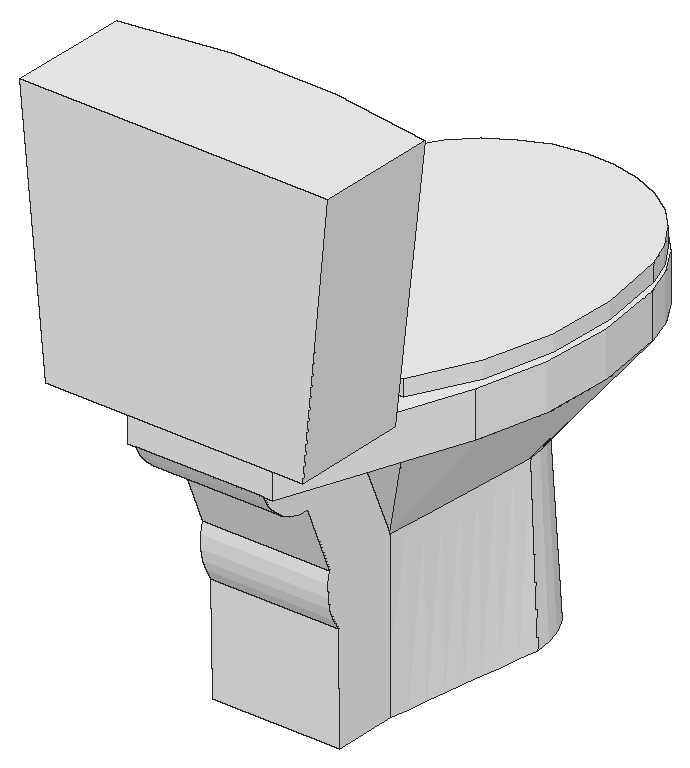
Revit family "Bacia_Com_Caixa", category Plumbing Fixtures, host Wall, Revit 2025
Family settings
  Host = Wall
  Round Connector Dimension = Use Diameter
  Part Type = Normal
  OmniClass Number = 23.45.00.00
  OmniClass Title = Sanitary, Laundry, and Cleaning Equipment
  Enable Cutting in Views = No
  Always vertical = Yes
  Cut with Voids When Loaded = No
  Maintain Annotation Orientation = No
  Shared = No
  Room Calculation Point = Yes
Parameters
  Desloca_Esgoto = 302 mm
  Desloca_Conexão_Agua = 150 mm
  Default Elevation = 0 mm
  Caixa = CT_Louças_Brancas
  Bacia = CT_Louças_Brancas
  Altura_Conexão_Agua = 150 mm
Reference planes
  plane 1: y = 0
  plane 2 "Center (Left/Right)": x = 125
  plane 3 "FaceParede": y = 75
  plane 4: y = 375
Text (mm)
  text "Placement side" at (-1787.139, 592.35, 0), in view "Ref. Level"
  text "Placement side" at (0, 1827.695, 2917.686), in view "Left"
  text "Placement side" at (0, 562.268, 3853.606), in view "Right"
Dimensions and locks
  locked: plane 3 "FaceParede" to host wall
  "Altura_Conexão_Agua": level to connector elem
  "Desloca_Conexão_Agua": connector elem to plane 2 "Center (Left/Right)"
  locked: connector elem to plane 2 "Center (Left/Right)"
  "Desloca_Esgoto": connector elem to host wall
  aligned and locked: plane 1 to host wall
  aligned and locked: nested 1 to plane 2 "Center (Left/Right)"
  aligned and locked: nested 1 to level
Nested families
  nested 1: "bacia com caixa acoplada" at (125, 75, 0) x (-1, 0, 0) z (0, 1, 0), type "Bacia com Caixa Acoplada"
  nested 2: "assento" at (125, 285.625, 380) x (-1, 0, 0) z (0, 1, 0), type "Assento"
  nested 3: "caixa" at (120, 85, 380) x (-1, 0, 0) z (0, 1, 0), type "caixa"
    with Caixa CT_Louças_Brancas
Connectors
  piping at (275, 75, 150), diameter 15
    settings: on plane 3 "FaceParede", index 5, connector inside diameter 609.6 mm, connector length 0 mm, flow factor 0, pipe flow 0.0 L/s, pressure drop 0.0 Pa, fitting loss kfactor 0, connector angle 0.00°, fixture units 0, engagement length 0 mm, angle of deflection 0.00°, flow configuration 0, flow direction 1, fitting loss method 0, system type 20, joint type 0, gender type 0, connector reference index -1, connector utility 0, adjustable connector no, is connector primary yes, connector description "Alimentação de água"
  piping at (125, 377, 0), diameter 100
    settings: index 6, connector inside diameter 609.6 mm, connector length 0 mm, flow factor 0, pipe flow 0.0 L/s, pressure drop 0.0 Pa, fitting loss kfactor 0, connector angle 0.00°, fixture units 0, engagement length 0 mm, angle of deflection 0.00°, flow configuration 0, flow direction 2, fitting loss method 0, system type 16, joint type 0, gender type 0, connector reference index -1, connector utility 0, adjustable connector no, is connector primary no, connector description "Saída de Esgoto"
Definition of nested family "bacia com caixa acoplada"
  Parameters (values of type "Bacia com Caixa Acoplada")
    WFU = 0
    URL = ""
    Model = ""
    Manufacturer = ""
    Description = ""
    Default Elevation = 0 mm
    Caixa = none
    CWFU = 0
    Bacia = none
    Assembly Code = ""
  Reference planes
    plane 1 "Center (Front/Back)": y = 0
    plane 2: z = 0
    plane 3 "Center (Left/Right)": x = 0
    plane 4 "Top 1": y = 200
    plane 5: y = 0
    plane 6 "Front 2": z = 179.972
    plane 7 "Top 2": y = 380
    plane 8 "Left 1": x = -150
    plane 9 "Top 3": y = 743.012
    plane 10 "Left 2": x = -197.5
    plane 11 "Right 1": x = 197.5
    plane 12 "Front 4": z = 650
    plane 13 "Front 1": z = 10
    plane 14 "Front 3": z = 300
  Forms (mm)
    Extrusion 1, solid
      sketch origin (0, 0, 0) x (1, 0, 0) y (0, 1, 0)
        loop
          line (-360, 880) -> (-360, -168.512) -> (358.293, -168.512) -> (358.293, 880) -> (-360, 880)
      from 0 to -104.332
    Extrusion 2, solid, not visible
      sketch origin (0, 0, 0) x (1, 0, 0) y (0, 1, 0)
        loop
          circle (-150, 200) r 6.35
      from -5.491 to 0
    Blend 3, solid, material <- "Bacia"
      base sketch origin (0, 0, 67.5) x (1, 0, 0) y (0, 0, 1)
        loop
          line (-77.085, 168.189) -> (77.731, 168.189) -> (88.783, 368.189)
          arc (88.783, 368.189) -> (0, 453.826) -> (-88.783, 368.189) r 88.841
          line (-88.783, 368.189) -> (-77.085, 168.189)
      top sketch origin (0, 0, 67.5) x (1, 0, 0) y (0, 0, 1)
        loop
          line (-133.652, 115) -> (133.652, 115)
          arc (133.652, 115) -> (185.439, 274.944) -> (176.577, 442.83) r 462.076
          arc (176.577, 442.83) -> (0, 582.024) -> (-176.577, 442.83) r 181.597
          arc (-176.577, 442.83) -> (-185.439, 274.944) -> (-133.652, 115) r 462.076
      from -200 to -325
    Extrusion 4, solid, material <- "Bacia"
      sketch origin (0, 0, 65) x (1, 0, 0) y (0, 0, 1)
        loop
          line (-88.302, -21.612) -> (88.302, -21.612) -> (165.51, 190.929)
          arc (165.51, 190.929) -> (188.914, 317.352) -> (176.577, 445.33) r 462.076
          arc (176.577, 445.33) -> (0, 584.524) -> (-176.577, 445.33) r 181.597
          arc (-176.577, 445.33) -> (-188.914, 317.352) -> (-165.51, 190.929) r 462.076
          line (-165.51, 190.929) -> (-88.302, -21.612)
      from -380 to -325
    Extrusion 5, solid, material <- "Bacia"
      sketch origin (0, 0, 65) x (0, 1, 0) y (0, 0, 1)
        loop
          line (0, 95) -> (131.286, 92.337)
          arc (131.286, 92.337) -> (164.162, 78.039) -> (200, 78.98) r 82.785
          line (200, 78.98) -> (281.246, 46.155)
          arc (281.246, 46.155) -> (292.573, 5.459) -> (325, -21.612) r 71.045
          line (325, -21.612) -> (325, 117.5) -> (200, 170.689) -> (0, 170.689) -> (0, 95)
      from -77.102 to 77.652
    Blend 6, solid, material <- "Bacia"
      base sketch origin (0, 0, 65) x (1, 0, 0) y (0, 0, 1)
        loop
          line (77.731, 170.689) -> (105.192, 359.531)
          arc (105.192, 359.531) -> (0, 464.722) -> (-105.192, 359.531) r 105.192
          line (-105.192, 359.531) -> (-77.085, 170.689) -> (77.731, 170.689)
      top sketch origin (0, 0, 65) x (1, 0, 0) y (0, 0, 1)
        loop
          line (-77.085, 170.689) -> (77.731, 170.689) -> (88.783, 370.689)
          arc (88.783, 370.689) -> (0, 456.326) -> (-88.783, 370.689) r 88.841
          line (-88.783, 370.689) -> (-77.085, 170.689)
      from 0 to -200
    Extrusion 7, solid, material <- "Bacia", not visible
      sketch origin (0, 0, 0) x (1, 0, 0) y (0, 0, 1)
        loop
          circle (0, 300) r 50
      from 0 to -10.753
  Cuts and joins
    joined: Extrusion 5, Blend 6
  Lines and regions (mm)
    Masking region 1
      outline origin (0, -1000, 65) x (0, 1, 0) y (0, 0, 1)
        loop
          line (1000, 83.617) -> (1089.643, 83.617)
          arc (1089.643, 83.617) -> (1100.346, 84.44) -> (1110.798, 86.89) r 69.997
          arc (1110.798, 86.89) -> (1115.35, 88.664) -> (1119.636, 91.01) r 37.833
          arc (1119.636, 91.01) -> (1126.997, 93.148) -> (1134.358, 91.009) r 13.737
          arc (1134.358, 91.009) -> (1138.854, 87.942) -> (1143.409, 84.965) r 274.141
          arc (1143.409, 84.965) -> (1172.285, 73.876) -> (1203.192, 75.045) r 76.995
          arc (1203.192, 75.045) -> (1204.332, 75.155) -> (1205.457, 74.938) r 4
          line (1205.457, 74.938) -> (1288.231, 42.957)
          arc (1288.231, 42.957) -> (1290.404, 40.996) -> (1290.713, 38.086) r 4.094
          arc (1290.713, 38.086) -> (1301.753, -9.653) -> (1344.759, -33.135) r 59.833
          line (1344.759, -33.135) -> (1356.478, -33.712)
          arc (1356.478, -33.712) -> (1357.184, -33.799) -> (1357.869, -33.986) r 4.911
          line (1357.869, -33.986) -> (1374.738, -34.87)
          arc (1374.738, -34.87) -> (1378.138, -33.798) -> (1380, -30.759) r 5.089
          line (1380, -30.759) -> (1380, -39.352)
          arc (1380, -39.352) -> (1384.393, -49.959) -> (1395, -54.352) r 15
          line (1395, -54.352) -> (1702, -54.352)
          arc (1702, -54.352) -> (1704.179, -53.414) -> (1705.005, -51.186) r 3
          arc (1705.005, -51.186) -> (1706.055, -53.304) -> (1708.314, -54.004) r 3
          line (1708.314, -54.004) -> (1724.684, -52.283)
          arc (1724.684, -52.283) -> (1734.012, -47.625) -> (1738.102, -38.034) r 15.109
          arc (1738.102, -38.034) -> (1739.208, -14.467) -> (1739.843, 9.117) r 1181.252
          line (1739.843, 9.117) -> (1743.012, 9.117) -> (1743.012, 49.117) -> (1739.843, 49.117)
          arc (1739.843, 49.117) -> (1739.139, 74.511) -> (1737.89, 99.884) r 1181.252
          arc (1737.89, 99.884) -> (1733.758, 109.353) -> (1724.484, 113.904) r 15.001
          line (1724.484, 113.904) -> (1708.314, 115.604)
          arc (1708.314, 115.604) -> (1705.993, 114.85) -> (1705, 112.62) r 3
          line (1705, 112.62) -> (1705, 103.889)
          arc (1705, 103.889) -> (1704.137, 105.995) -> (1702.043, 106.889) r 3
          arc (1702.043, 106.889) -> (1547.993, 103.248) -> (1394.086, 95.688) r 6057.139
          arc (1394.086, 95.688) -> (1384.125, 91.563) -> (1379.999, 81.602) r 14.087
          line (1379.999, 81.602) -> (1379.999, 578.13)
          arc (1379.999, 578.13) -> (1379.603, 579.997) -> (1378.536, 581.58) r 5
          line (1378.536, 581.58) -> (1376.556, 583.561)
          arc (1376.556, 583.561) -> (1374.821, 584.679) -> (1372.782, 585) r 5
          line (1372.782, 585) -> (1327.409, 582.622)
          arc (1327.409, 582.622) -> (1325.614, 581.87) -> (1324.659, 580.175) r 3.001
          line (1324.659, 580.175) -> (1323.546, 573.864)
          arc (1323.546, 573.864) -> (1323.145, 572.811) -> (1322.384, 571.98) r 3
          line (1322.384, 571.98) -> (1315.324, 566.835)
          arc (1315.324, 566.835) -> (1270.818, 528.245) -> (1232.462, 483.537) r 400.003
          arc (1232.462, 483.537) -> (1230.577, 480.959) -> (1228.713, 478.366) r 400
          arc (1228.713, 478.366) -> (1215.458, 463.894) -> (1198.352, 454.277) r 62.136
          arc (1198.352, 454.277) -> (1181.419, 449.381) -> (1163.793, 449.455) r 61.918
          line (1163.793, 449.455) -> (1000, 468.117) -> (1000, 83.617)
    Masking region 2
      outline origin (0, 0, 179.972) x (1, 0, 0) y (0, 1, 0)
        loop
          arc (155.578, 393.059) -> (173.252, 547.202) -> (186.522, 701.786) r 5438.952
          arc (186.522, 701.786) -> (185.725, 704.044) -> (183.53, 705) r 3
          line (183.53, 705) -> (194.576, 705)
          arc (194.576, 705) -> (196.806, 705.993) -> (197.56, 708.314) r 3
          line (197.56, 708.314) -> (196.334, 719.973)
          arc (196.334, 719.973) -> (192.087, 728.948) -> (183.165, 733.303) r 15
          arc (183.165, 733.303) -> (101.636, 737.94) -> (20, 739.929) r 2516.009
          line (20, 739.929) -> (20, 743.012) -> (-20, 743.012) -> (-20, 739.931)
          arc (-20, 739.931) -> (-100.835, 737.981) -> (-181.567, 733.434) r 2516.009
          arc (-181.567, 733.434) -> (-190.989, 729.282) -> (-195.515, 720.033) r 15
          line (-195.515, 720.033) -> (-196.746, 708.314)
          arc (-196.746, 708.314) -> (-195.992, 705.993) -> (-193.763, 705) r 3
          line (-193.763, 705) -> (-184.068, 705)
          arc (-184.068, 705) -> (-186.269, 704.039) -> (-187.06, 701.772) r 3
          arc (-187.06, 701.772) -> (-173.302, 547.237) -> (-155.623, 393.102) r 6106.209
          arc (-155.623, 393.102) -> (-150.656, 383.742) -> (-140.743, 380) r 15
          line (-140.743, 380) -> (-181.066, 380)
          arc (-181.066, 380) -> (-182.779, 379.528) -> (-184.255, 378.539) r 5.554
          arc (-184.255, 378.539) -> (-185.234, 377.558) -> (-186.224, 376.57) r 593.562
          arc (-186.224, 376.57) -> (-187.365, 374.817) -> (-187.689, 372.75) r 5
          line (-187.689, 372.75) -> (-185.312, 327.406)
          arc (-185.312, 327.406) -> (-184.568, 325.61) -> (-182.879, 324.648) r 3
          arc (-182.879, 324.648) -> (-179.83, 324.105) -> (-176.794, 323.579) r 669.748
          arc (-176.794, 323.579) -> (-175.543, 323.054) -> (-174.651, 322.031) r 3
          arc (-174.651, 322.031) -> (-139.574, 267.717) -> (-96.715, 219.306) r 428.02
          arc (-96.715, 219.306) -> (-80.783, 194.863) -> (-76.267, 166.037) r 69.615
          line (-76.267, 166.037) -> (-95.192, 0) -> (95, 0) -> (76.075, 166.037)
          arc (76.075, 166.037) -> (80.59, 194.863) -> (96.523, 219.306) r 69.615
          arc (96.523, 219.306) -> (139.381, 267.717) -> (174.458, 322.031) r 428.02
          arc (174.458, 322.031) -> (175.35, 323.054) -> (176.602, 323.579) r 3
          arc (176.602, 323.579) -> (179.637, 324.105) -> (182.686, 324.648) r 669.748
          arc (182.686, 324.648) -> (184.375, 325.61) -> (185.12, 327.406) r 3
          line (185.12, 327.406) -> (187.496, 372.75)
          arc (187.496, 372.75) -> (187.172, 374.817) -> (186.031, 376.57) r 5
          arc (186.031, 376.57) -> (185.041, 377.558) -> (184.063, 378.539) r 593.562
          arc (184.063, 378.539) -> (182.587, 379.528) -> (180.874, 380) r 5.554
          line (180.874, 380) -> (140.551, 380)
          arc (140.551, 380) -> (150.455, 383.735) -> (155.427, 393.079) r 15
    Masking region 3
      outline origin (0, 200, 0) x (0, 0, 1) y (-1, 0, 0)
        loop
          arc (10.001, -162.6) -> (20.174, -187.163) -> (44.735, -197.342) r 34.742
          line (44.735, -197.342) -> (111.137, -197.358)
          arc (111.137, -197.358) -> (144.424, -185.807) -> (163.387, -156.111) r 53.701
          arc (163.387, -156.111) -> (164.716, -148.856) -> (165.981, -141.591) r 832.903
          line (165.981, -141.591) -> (328.613, -176.787)
          arc (328.613, -176.787) -> (354.757, -181.877) -> (381.09, -185.875) r 639.802
          arc (381.09, -185.875) -> (477.704, -184.405) -> (570.981, -159.188) r 389.344
          arc (570.981, -159.188) -> (592.976, -144.656) -> (610.428, -124.897) r 100.358
          arc (610.428, -124.897) -> (648.272, -3.946) -> (614.002, 118.066) r 222.696
          arc (614.002, 118.066) -> (595.485, 141.292) -> (570.981, 158.081) r 100.358
          arc (570.981, 158.081) -> (477.704, 183.298) -> (381.09, 184.768) r 389.344
          arc (381.09, 184.768) -> (354.757, 180.77) -> (328.613, 175.68) r 639.802
          line (328.613, 175.68) -> (165.811, 140.447)
          arc (165.811, 140.447) -> (164.24, 149.417) -> (162.571, 158.37) r 832.903
          arc (162.571, 158.37) -> (143.253, 186.404) -> (110.961, 197.189) r 53.701
          line (110.961, 197.189) -> (44.735, 197.173)
          arc (44.735, 197.173) -> (20.174, 186.994) -> (10.001, 162.43) r 34.742
          line (10.001, 162.43) -> (10.001, -162.6)
    symbolic lines
      curve 1: line (0, 380, 145.716) -> (0, 380, 35.648)
      curve 2: line (0, 705, 168.98) -> (0, 705, 13.98)
      curve 3: line (0, 67.98, 370.59) -> (0, 21.584, 366.557)
      curve 4: line (0, 35.078, 363.574) -> (0, 35.078, 354.298)
      curve 5: line (0, 290.808, 104.72) -> (0, 332.644, 241.559)
      curve 6: line (0, 362.026, 192.741) -> (0, 362.795, 91.146)
      curve 7: line (0, 327.452, 647.625) -> (0, 327.452, 332.625)
      curve 8: line (0, 739.843, 114.117) -> (0, 739.843, 74.117)
      curve 9: arc (0, 332.644, 241.559) -> (0, 331.92, 244.323) -> (0, 329.57, 245.95) r 4.115
      curve 10: line (0, 329.57, 245.95) -> (0, 324.5, 247.29)
      curve 11: arc (0, 324.5, 247.29) -> (0, 323.385, 247.738) -> (0, 322.415, 248.446) r 4.863
      curve 12: arc (0, 322.415, 248.446) -> (0, 278.084, 285.069) -> (0, 231.824, 319.223) r 1055.536
      curve 13: arc (0, 172.233, 360.523) -> (0, 149.558, 372.954) -> (0, 124.198, 378.007) r 85.159
      curve 14: line (0, 172.233, 360.523) -> (0, 231.824, 319.223)
      curve 15: arc (0, 35.078, 363.574) -> (0, 35.921, 366.558) -> (0, 38.646, 368.04) r 3.996
      curve 16: arc (0, 39.048, 354.298) -> (0, 68.923, 337.403) -> (0, 83.693, 306.422) r 57.033
      curve 17: arc (0, 83.693, 306.422) -> (0, 88.997, 266.802) -> (0, 91.227, 226.89) r 517.582
      curve 18: arc (0, 91.227, 226.89) -> (0, 91.519, 226.553) -> (0, 91.961, 226.5) r 0.618
      curve 19: arc (0, 91.961, 226.5) -> (0, 94.283, 227.599) -> (0, 96.482, 228.928) r 25.33
      curve 20: arc (0, 96.482, 228.928) -> (0, 110.983, 234.835) -> (0, 126.519, 236.774) r 59.786
      curve 21: arc (0, 108.217, 287.466) -> (0, 81.424, 325.834) -> (0, 67.661, 370.562) r 151.049
      curve 22: arc (0, 108.217, 287.466) -> (0, 146.335, 251.375) -> (0, 187.712, 219.07) r 551.591
      curve 23: arc (0, 183.779, 215.042) -> (0, 167.805, 225.909) -> (0, 150.062, 233.55) r 101.468
      curve 24: arc (0, 150.062, 233.55) -> (0, 138.379, 235.811) -> (0, 126.519, 236.774) r 108.093
      curve 25: line (0, 35.078, 354.298) -> (0, 39.048, 354.298)
      curve 26: arc (0, 21.584, 366.557) -> (0, 21.468, 262.774) -> (0, 25.206, 159.06) r 2793.795
      curve 27: arc (0, 25.206, 159.06) -> (0, 28.176, 151.89) -> (0, 35.345, 148.921) r 10.139
      curve 28: line (0, 149.141, 373.105) -> (0, 148.186, 369.539)
      curve 29: arc (0, 148.186, 369.539) -> (0, 157.446, 352.651) -> (0, 171.592, 339.58) r 59.834
      curve 30: arc (0, 171.592, 339.58) -> (0, 200.888, 313.864) -> (0, 228.928, 286.785) r 820.105
      curve 31: arc (0, 228.928, 286.785) -> (0, 251.391, 256.777) -> (0, 264.935, 221.825) r 137.775
      curve 32: arc (0, 264.935, 221.825) -> (0, 251.084, 169.341) -> (0, 205.457, 139.938) r 75.021
      curve 33: arc (0, 344.986, 193.479) -> (0, 340.623, 189.117) -> (0, 344.986, 184.754) r 4.363
      curve 34: arc (0, 359.127, 193.479) -> (0, 360.614, 193.259) -> (0, 362.026, 192.741) r 7.362
      curve 35: arc (0, 359.288, 184.754) -> (0, 360.715, 184.98) -> (0, 362.081, 185.453) r 8.233
      curve 36: arc (0, 359.589, 128.5) -> (0, 361.12, 128.206) -> (0, 362.52, 127.519) r 5.872
      curve 37: arc (0, 359.743, 119.733) -> (0, 361.212, 120.036) -> (0, 362.572, 120.67) r 6.435
      curve 38: arc (0, 337.699, 128.5) -> (0, 332.849, 124.117) -> (0, 337.699, 119.733) r 4.406
      curve 39: arc (0, 362.795, 91.146) -> (0, 362.747, 63.394) -> (0, 362.181, 35.648) r 1489.012
      curve 40: arc (0, 362.181, 35.648) -> (0, 363.556, 32.329) -> (0, 366.876, 30.954) r 4.694
      curve 41: arc (0, 67.98, 370.59) -> (0, 69.846, 371.851) -> (0, 72.01, 372.47) r 7.164
      curve 42: arc (0, 72.01, 372.47) -> (0, 98.011, 376.113) -> (0, 124.198, 378.007) r 391.839
      curve 43: line (0, 359.127, 193.479) -> (0, 344.986, 193.479)
      curve 44: line (0, 344.986, 184.754) -> (0, 359.288, 184.754)
      curve 45: line (0, 359.589, 128.5) -> (0, 337.699, 128.5)
      curve 46: line (0, 359.743, 119.733) -> (0, 337.699, 119.733)
      curve 47: arc (0, 189.587, 216.64) -> (0, 188.8, 214.74) -> (0, 186.899, 213.952) r 2.688
      curve 48: arc (0, 187.712, 219.07) -> (0, 188.832, 217.996) -> (0, 189.587, 216.64) r 5.221
      curve 49: arc (0, 183.779, 215.042) -> (0, 185.247, 214.233) -> (0, 186.899, 213.952) r 5.012
      curve 50: circle (-0.065, 0, 93.469) r 18 normal (0, -1, 0)
      curve 51: circle (-0.065, 0, 93.469) r 20 normal (0, -1, 0)
      curve 52: circle (-0.065, 0, 93.469) r 17 normal (0, -1, 0)
      curve 53: line (183.53, 705, 0) -> (-184.068, 705, 0)
      curve 54: arc (-20, 739.931, 0) -> (0.018, 739.844, 0) -> (20.035, 739.931, 0) r 2298.24
      curve 55: line (140.704, 380, 0) -> (-140.743, 380, 0)
      curve 56: line (-182.878, 324.647, 0) -> (182.648, 324.647, 0)
      curve 57: arc (-141.21, 0, 165.733) -> (0, 0, 177.708) -> (141.233, 0, 165.997) r 847.858
  Dimensions and locks
    plane 9 "Top 3" to plane 7 "Top 2" to plane 5 = 363.012 mm, 380 mm
    plane 12 "Front 4" to plane 13 "Front 1" to level = 640 mm, 10 mm  (x2)
    plane 6 "Front 2" to plane 13 "Front 1" = 169.972 mm  (x2)
    plane 5 to plane 7 "Top 2" = 380 mm
    plane 10 "Left 2" to plane 11 "Right 1" = 395 mm  (x2)
    plane 7 "Top 2" to plane 9 "Top 3" = 363.012 mm
    plane 5 to plane 9 "Top 3" = 743.012 mm
    plane 9 "Top 3" to plane 1 "Center (Front/Back)" = 743.012 mm
    aligned and locked: Extrusion 1 to plane 2
    aligned and locked: level to Extrusion 1
  Nested families
    nested 1: "assento" at (0, 380, 210.625), type "Assento"
    nested 2: "caixa" at (5, 380, 10), Caixa <- "Caixa", type "caixa"
      with Caixa none
  Connectors
    piping at (-150, 200, 0), diameter 15, driven by "CWFU"
      settings: on Extrusion 2, index 2, connector inside diameter 15 mm, connector length 0 mm, flow factor 0, pipe flow 0.0 L/s, pressure drop 0.0 Pa, fitting loss kfactor 0, connector angle 0.00°, fixture units 0, engagement length 0 mm, angle of deflection 0.00°, flow configuration 3, flow direction 1, fitting loss method 4, system type 20, joint type 0, gender type 0, connector reference index -1, connector utility 0, adjustable connector no, is connector primary yes, connector description ""
    piping at (0, 0, 300), diameter 100, driven by "WFU"
      settings: on Extrusion 7, index 3, connector inside diameter 100 mm, connector length 0 mm, flow factor 0, pipe flow 0.0 L/s, pressure drop 0.0 Pa, fitting loss kfactor 0, connector angle 0.00°, fixture units 0, engagement length 0 mm, angle of deflection 0.00°, flow configuration 3, flow direction 2, fitting loss method 0, system type 16, joint type 0, gender type 0, connector reference index -1, connector utility 0, adjustable connector no, is connector primary no, connector description ""
  Definition of nested family "assento"
    Parameters (values of type "Assento")
      URL = ""
      Model = ""
      Manufacturer = ""
      Description = ""
      Default Elevation = 0 mm
      Atendimento ao Cliente = ""
      Assento = none
      Assembly Code = ""
    Reference planes
      plane 1 "Center (Front/Back)": y = 0
      plane 2: z = 0
      plane 3 "Center (Left/Right)": x = 0
    Forms (mm)
      Extrusion 1, solid, material <- "Assento"
        sketch origin (0, -382.238, -138.906) x (1, 0, 0) y (0, 0, 1)
          loop
            arc (122.54, 128.75) -> (178.722, 285.53) -> (167.395, 451.687) r 406.949
            arc (167.395, 451.687) -> (0, 578.5) -> (-167.395, 451.687) r 173.889
            arc (-167.395, 451.687) -> (-178.722, 285.53) -> (-122.54, 128.75) r 406.949
            line (-122.54, 128.75) -> (122.54, 128.75)
        from -403.303 to -383.023
    Lines and regions (mm)
      Masking region 1
        outline origin (0, 0, -15) x (1, 0, 0) y (0, 0, 1)
          loop
            line (-64.536, 11.325) -> (64.536, 11.325)
            arc (64.536, 11.325) -> (75.729, 4.831) -> (86.677, 11.731) r 12.5
            arc (86.677, 11.731) -> (105.018, 20.204) -> (120.903, 32.687) r 86.806
            arc (120.903, 32.687) -> (162.46, 91.144) -> (182.124, 160.118) r 211.806
            arc (182.124, 160.118) -> (185.468, 223.611) -> (181.892, 287.09) r 584.258
            arc (181.892, 287.09) -> (174.182, 328.068) -> (160.412, 367.425) r 277.171
            arc (160.412, 367.425) -> (118.628, 421.425) -> (56.253, 449.197) r 139.805
            arc (56.253, 449.197) -> (28.23, 452.896) -> (0, 454.32) r 349.806
            arc (0, 454.32) -> (-28.23, 452.896) -> (-56.253, 449.197) r 349.806
            arc (-56.253, 449.197) -> (-118.628, 421.425) -> (-160.412, 367.425) r 139.805
            arc (-160.412, 367.425) -> (-174.182, 328.068) -> (-181.892, 287.09) r 277.171
            arc (-181.892, 287.09) -> (-185.468, 223.611) -> (-182.124, 160.118) r 584.258
            arc (-182.124, 160.118) -> (-162.46, 91.144) -> (-120.903, 32.687) r 211.806
            arc (-120.903, 32.687) -> (-105.018, 20.204) -> (-86.677, 11.731) r 86.806
            arc (-86.677, 11.731) -> (-75.729, 4.831) -> (-64.536, 11.325) r 12.5
      Masking region 2
        outline origin (0, -749.901, -215.894) x (0, 0, -1) y (0, 1, 0)
          loop
            arc (-637.514, 782.849) -> (-641.802, 780.516) -> (-643.523, 775.948) r 7
            line (-643.523, 775.948) -> (-643.523, 775.078)
            arc (-643.523, 775.078) -> (-634.644, 773.972) -> (-625.708, 773.519) r 122.142
            arc (-625.708, 773.519) -> (-634.469, 772.879) -> (-643.132, 771.425) r 94.053
            arc (-643.132, 771.425) -> (-651.24, 766.629) -> (-654.864, 757.932) r 14.925
            line (-654.864, 757.932) -> (-655.275, 751.216)
            arc (-655.275, 751.216) -> (-655.14, 750.843) -> (-654.776, 750.685) r 0.5
            line (-654.776, 750.685) -> (-230.784, 750.685) -> (-230.784, 749.901) -> (-205.784, 749.901) -> (-205.784, 751.067)
            arc (-205.784, 751.067) -> (-208.448, 752.689) -> (-211.319, 753.909) r 21.531
            arc (-211.319, 753.909) -> (-212.239, 754.201) -> (-213.17, 754.451) r 21.531
            arc (-213.17, 754.451) -> (-212.039, 764.695) -> (-216.269, 774.093) r 19.571
            arc (-216.269, 774.093) -> (-217.677, 777.888) -> (-219.284, 781.604) r 76.149
            line (-219.284, 781.604) -> (-219.284, 784.36)
            arc (-219.284, 784.36) -> (-221.091, 789.053) -> (-225.579, 791.324) r 7
            arc (-225.579, 791.324) -> (-431.804, 799.612) -> (-637.514, 782.849) r 1700
      Masking region 3
        outline origin (0, 0.785, 462.18) x (-1, 0, 0) y (0, -1, 0)
          loop
            arc (184.938, 0) -> (185.304, -0.159) -> (185.438, -0.536) r 0.5
            line (185.438, -0.536) -> (184.841, -10.285)
            arc (184.841, -10.285) -> (181.982, -18.184) -> (175.298, -23.274) r 14.876
            arc (175.298, -23.274) -> (175.737, -23.351) -> (176.132, -23.559) r 1.448
            line (176.132, -23.559) -> (176.132, -28.392)
            arc (176.132, -28.392) -> (174.144, -33.163) -> (169.577, -35.582) r 7.652
            arc (169.577, -35.582) -> (114.891, -42.405) -> (59.992, -47.215) r 1500.329
            arc (59.992, -47.215) -> (-0.031, -49.287) -> (-60.054, -47.215) r 870.329
            arc (-60.054, -47.215) -> (-114.953, -42.405) -> (-169.638, -35.582) r 1500.329
            arc (-169.638, -35.582) -> (-174.206, -33.163) -> (-176.194, -28.392) r 7.652
            line (-176.194, -28.392) -> (-176.194, -23.559)
            arc (-176.194, -23.559) -> (-175.799, -23.351) -> (-175.36, -23.274) r 1.448
            arc (-175.36, -23.274) -> (-182.043, -18.184) -> (-184.903, -10.285) r 14.876
            line (-184.903, -10.285) -> (-185.499, -0.536)
            arc (-185.499, -0.536) -> (-185.366, -0.159) -> (-185, 0) r 0.5
            line (-185, 0) -> (185, 0)
      symbolic lines
        curve 1: arc (-114.489, 0, 22.69) -> (-154.617, 0, 79.481) -> (-173.11, 0, 146.516) r 202
        curve 2: arc (-172.646, 0, 269.059) -> (-167.129, 0, 300.958) -> (-157.796, 0, 331.956) r 267.358
        curve 3: arc (-54.957, 0, 422.606) -> (-27.579, 0, 426.204) -> (0, 0, 427.569) r 340
        curve 4: arc (-81.624, 0, 3.329) -> (-99.274, 0, 10.942) -> (-114.489, 0, 22.69) r 77
        curve 5: arc (-172.646, 0, 269.059) -> (-176.157, 0, 207.8) -> (-173.11, 0, 146.516) r 574.133
        curve 6: arc (-157.796, 0, 331.956) -> (-119.194, 0, 391.822) -> (-54.957, 0, 422.606) r 130.885
        curve 7: arc (114.489, 0, 22.69) -> (154.617, 0, 79.481) -> (173.11, 0, 146.516) r 202
        curve 8: arc (172.646, 0, 269.059) -> (167.129, 0, 300.958) -> (157.796, 0, 331.956) r 267.358
        curve 9: arc (54.957, 0, 422.606) -> (27.579, 0, 426.204) -> (0, 0, 427.569) r 340
        curve 10: line (-81.624, 0, 3.329) -> (81.624, 0, 3.329)
        curve 11: arc (81.624, 0, 3.329) -> (99.274, 0, 10.942) -> (114.489, 0, 22.69) r 77
        curve 12: arc (172.646, 0, 269.059) -> (176.157, 0, 207.8) -> (173.11, 0, 146.516) r 574.133
        curve 13: arc (157.796, 0, 331.956) -> (119.194, 0, 391.822) -> (54.957, 0, 422.606) r 130.885
        curve 14: line (-64.536, 0, -3.675) -> (-86.677, 0, -3.269)
        curve 15: line (64.536, 0, -3.675) -> (86.677, 0, -3.269)
        curve 16: line (-60.5, 0, -2.982) -> (-60.5, 0, 3.329)
        curve 17: line (-50.5, 0, -2.982) -> (-50.5, 0, 3.329)
        curve 18: line (-50.5, 0, -2.982) -> (-60.5, 0, -2.982)
        curve 19: line (60.5, 0, -2.982) -> (60.5, 0, 3.329)
        curve 20: line (50.5, 0, -2.982) -> (50.5, 0, 3.329)
        curve 21: line (50.5, 0, -2.982) -> (60.5, 0, -2.982)
        curve 22: line (0, 31.703, 3.39) -> (0, 27.984, 3.39)
        curve 23: line (0, 1.166, -10.11) -> (0, 1.166, -2.09)
        curve 24: line (0, 4.613, -2.74) -> (0, 1.166, -2.09)
        curve 25: arc (0, 1.166, -2.09) -> (0, 0.823, -1.812) -> (0, 0.785, -1.373) r 0.566
        curve 26: line (0, 0.785, -1.373) -> (0, 0.785, 14.89)
        curve 27: line (-58.867, 31.731, 0) -> (-59.992, 47.999, 0)
        curve 28: line (60.054, 47.999, 0) -> (58.929, 31.731, 0)
        curve 70: line (0, 23.618, 409.814) -> (0, 27.984, 3.39)
        curve 71: arc (-168.875, 36.232, 0) -> (-114.038, 29.906, 0) -> (-58.867, 31.731, 0) r 373.492
        curve 72: arc (-58.867, 31.731, 0) -> (0.031, 33.412, 0) -> (58.929, 31.731, 0) r 1032.662
        curve 73: arc (168.875, 36.232, 0) -> (114.038, 29.906, 0) -> (58.867, 31.731, 0) r 373.492
        curve 74: line (-175.298, 24.058, 0) -> (175.36, 24.058, 0)
      symbolic lines, not visible
        curve 29: arc (44.697, 0, 382.209) -> (-0.045, 0, 391.224) -> (-44.787, 0, 382.209) r 115.534
        curve 30: arc (44.697, 0, 382.209) -> (85.799, 0, 355.191) -> (116.965, 0, 317.138) r 162.927
        curve 31: arc (116.965, 0, 317.138) -> (133.516, 0, 279.644) -> (140.761, 0, 239.304) r 172.615
        curve 32: arc (140.761, 0, 239.304) -> (141.939, 0, 198.796) -> (136.533, 0, 158.634) r 249.132
        curve 33: arc (136.533, 0, 158.634) -> (103.148, 0, 97.844) -> (44.834, 0, 60.299) r 141.123
        curve 34: arc (44.834, 0, 60.299) -> (24.979, 0, 55.206) -> (4.596, 0, 53.042) r 141.152
        curve 35: arc (-44.787, 0, 382.209) -> (-85.889, 0, 355.191) -> (-117.055, 0, 317.138) r 162.927
        curve 36: arc (-117.055, 0, 317.138) -> (-133.606, 0, 279.644) -> (-140.851, 0, 239.304) r 172.615
        curve 37: arc (-140.851, 0, 239.304) -> (-142.029, 0, 198.796) -> (-136.624, 0, 158.634) r 249.132
        curve 38: arc (-136.624, 0, 158.634) -> (-84.536, 0, 81.067) -> (4.596, 0, 53.042) r 141.123
        curve 39: arc (-46.358, 0, 373.331) -> (-0.045, 0, 383.919) -> (46.267, 0, 373.331) r 106.583
        curve 40: arc (46.267, 0, 373.331) -> (82.734, 0, 347.913) -> (109.41, 0, 312.355) r 140.184
        curve 41: arc (109.41, 0, 312.355) -> (124.152, 0, 274.245) -> (129.791, 0, 233.773) r 177.563
        curve 42: arc (46.157, 0, 77.727) -> (-0.045, 0, 69.166) -> (-46.247, 0, 77.727) r 128.947
        curve 43: arc (46.157, 0, 77.727) -> (100.175, 0, 116.954) -> (127.364, 0, 177.925) r 129.049
        curve 44: arc (129.791, 0, 233.773) -> (129.844, 0, 205.794) -> (127.364, 0, 177.925) r 308.71
        curve 45: arc (-46.358, 0, 373.331) -> (-82.825, 0, 347.913) -> (-109.5, 0, 312.355) r 140.184
        curve 46: arc (-109.5, 0, 312.355) -> (-124.242, 0, 274.245) -> (-129.882, 0, 233.773) r 177.563
        curve 47: arc (-46.247, 0, 77.727) -> (-100.265, 0, 116.954) -> (-127.454, 0, 177.925) r 129.049
        curve 48: arc (-129.882, 0, 233.773) -> (-129.935, 0, 205.794) -> (-127.454, 0, 177.925) r 308.71
        curve 49: arc (-67.045, 0, 1.892) -> (-75.045, 0, 9.892) -> (-83.045, 0, 1.892) r 8
        curve 50: arc (-83.045, 0, 1.892) -> (-75.045, 0, -6.108) -> (-67.045, 0, 1.892) r 8
        curve 51: arc (82.955, 0, 1.892) -> (74.955, 0, 9.892) -> (66.955, 0, 1.892) r 8
        curve 52: arc (66.955, 0, 1.892) -> (74.955, 0, -6.108) -> (82.955, 0, 1.892) r 8
        curve 53: arc (-51.868, 0, 255.807) -> (-47.006, 0, 264.646) -> (-39.146, 0, 270.969) r 26.001
        curve 54: arc (-39.146, 0, 270.969) -> (0.144, 0, 276.388) -> (39.4, 0, 270.734) r 142.065
        curve 55: arc (50.717, 0, 258.373) -> (46.081, 0, 265.49) -> (39.4, 0, 270.734) r 26.001
        curve 56: arc (-51.868, 0, 255.807) -> (-54.895, 0, 225.605) -> (-56.101, 0, 195.276) r 504.587
        curve 57: arc (50.717, 0, 258.373) -> (53.994, 0, 226.896) -> (55.291, 0, 195.276) r 504.587
        curve 58: arc (-56.101, 0, 195.276) -> (-52.773, 0, 185.058) -> (-43.946, 0, 178.93) r 16.85
        curve 59: arc (55.291, 0, 195.276) -> (50.504, 0, 183.717) -> (38.946, 0, 178.93) r 16.346
        curve 60: arc (38.946, 0, 178.93) -> (-2.5, 0, 173.627) -> (-43.946, 0, 178.93) r 164.605
        curve 61: arc (-141.21, 0, -44.892) -> (0, 0, -32.917) -> (141.233, 0, -44.628) r 847.858
        curve 62: arc (-174.441, 0, 159.838) -> (-176.673, 0, 236.825) -> (-161.106, 0, 312.254) r 332.01
        curve 63: arc (-161.106, 0, 312.254) -> (-99.257, 0, 396.882) -> (0.341, 0, 429.552) r 171.079
        curve 64: arc (176.474, 0, 170.218) -> (176.857, 0, 242.035) -> (161.788, 0, 312.254) r 332.01
        curve 65: arc (161.788, 0, 312.254) -> (99.939, 0, 396.882) -> (0.341, 0, 429.552) r 171.079
        curve 66: line (161.273, 0, 92.593) -> (131.783, 0, -43.345)
        curve 67: line (-161.273, 0, 92.593) -> (-131.783, 0, -43.345)
        curve 68: line (-161.273, 0, 92.593) -> (-174.441, 0, 159.838)
        curve 69: line (161.273, 0, 92.593) -> (176.474, 0, 170.218)
  Definition of nested family "caixa"
    Parameters (values of type "caixa")
      URL = ""
      Model = ""
      Manufacturer = ""
      Description = ""
      Default Elevation = 0 mm
      Caixa [instance] = none
      Assembly Code = ""
    Reference planes
      plane 1 "Center (Front/Back)": y = 0
      plane 2: z = 0
      plane 3 "Center (Left/Right)": x = 0
    Forms (mm)
      Blend 1, solid, material <- "Caixa"
        base sketch origin (0, 0, 0) x (1, 0, 0) y (0, 0, -1)
          loop
            line (-187.263, 0) -> (-187.263, -146.391)
            arc (-187.263, -146.391) -> (0, -167.499) -> (187.263, -146.391) r 841.243
            line (187.263, -146.391) -> (187.263, 0) -> (-187.263, 0)
        top sketch origin (0, 0, 0) x (1, 0, 0) y (0, 0, -1)
          loop
            line (-156.041, 0) -> (-156.041, -140.537)
            arc (-156.041, -140.537) -> (0, -155.775) -> (156.041, -140.537) r 806.594
            line (156.041, -140.537) -> (156.041, 0) -> (-156.041, 0)
        from 320 to 0
Definition of nested family "assento"
  Parameters (values of type "Assento")
    URL = ""
    Model = ""
    Manufacturer = ""
    Description = ""
    Default Elevation = 0 mm
    Atendimento ao Cliente = ""
    Assento = none
    Assembly Code = ""
  Reference planes
    plane 1 "Center (Front/Back)": y = 0
    plane 2: z = 0
    plane 3 "Center (Left/Right)": x = 0
  Forms (mm)
    Extrusion 1, solid, material <- "Assento"
      sketch origin (0, -382.238, -138.906) x (1, 0, 0) y (0, 0, 1)
        loop
          arc (122.54, 128.75) -> (178.722, 285.53) -> (167.395, 451.687) r 406.949
          arc (167.395, 451.687) -> (0, 578.5) -> (-167.395, 451.687) r 173.889
          arc (-167.395, 451.687) -> (-178.722, 285.53) -> (-122.54, 128.75) r 406.949
          line (-122.54, 128.75) -> (122.54, 128.75)
      from -403.303 to -383.023
  Lines and regions (mm)
    Masking region 1
      outline origin (0, 0, -15) x (1, 0, 0) y (0, 0, 1)
        loop
          line (-64.536, 11.325) -> (64.536, 11.325)
          arc (64.536, 11.325) -> (75.729, 4.831) -> (86.677, 11.731) r 12.5
          arc (86.677, 11.731) -> (105.018, 20.204) -> (120.903, 32.687) r 86.806
          arc (120.903, 32.687) -> (162.46, 91.144) -> (182.124, 160.118) r 211.806
          arc (182.124, 160.118) -> (185.468, 223.611) -> (181.892, 287.09) r 584.258
          arc (181.892, 287.09) -> (174.182, 328.068) -> (160.412, 367.425) r 277.171
          arc (160.412, 367.425) -> (118.628, 421.425) -> (56.253, 449.197) r 139.805
          arc (56.253, 449.197) -> (28.23, 452.896) -> (0, 454.32) r 349.806
          arc (0, 454.32) -> (-28.23, 452.896) -> (-56.253, 449.197) r 349.806
          arc (-56.253, 449.197) -> (-118.628, 421.425) -> (-160.412, 367.425) r 139.805
          arc (-160.412, 367.425) -> (-174.182, 328.068) -> (-181.892, 287.09) r 277.171
          arc (-181.892, 287.09) -> (-185.468, 223.611) -> (-182.124, 160.118) r 584.258
          arc (-182.124, 160.118) -> (-162.46, 91.144) -> (-120.903, 32.687) r 211.806
          arc (-120.903, 32.687) -> (-105.018, 20.204) -> (-86.677, 11.731) r 86.806
          arc (-86.677, 11.731) -> (-75.729, 4.831) -> (-64.536, 11.325) r 12.5
    Masking region 2
      outline origin (0, -749.901, -215.894) x (0, 0, -1) y (0, 1, 0)
        loop
          arc (-637.514, 782.849) -> (-641.802, 780.516) -> (-643.523, 775.948) r 7
          line (-643.523, 775.948) -> (-643.523, 775.078)
          arc (-643.523, 775.078) -> (-634.644, 773.972) -> (-625.708, 773.519) r 122.142
          arc (-625.708, 773.519) -> (-634.469, 772.879) -> (-643.132, 771.425) r 94.053
          arc (-643.132, 771.425) -> (-651.24, 766.629) -> (-654.864, 757.932) r 14.925
          line (-654.864, 757.932) -> (-655.275, 751.216)
          arc (-655.275, 751.216) -> (-655.14, 750.843) -> (-654.776, 750.685) r 0.5
          line (-654.776, 750.685) -> (-230.784, 750.685) -> (-230.784, 749.901) -> (-205.784, 749.901) -> (-205.784, 751.067)
          arc (-205.784, 751.067) -> (-208.448, 752.689) -> (-211.319, 753.909) r 21.531
          arc (-211.319, 753.909) -> (-212.239, 754.201) -> (-213.17, 754.451) r 21.531
          arc (-213.17, 754.451) -> (-212.039, 764.695) -> (-216.269, 774.093) r 19.571
          arc (-216.269, 774.093) -> (-217.677, 777.888) -> (-219.284, 781.604) r 76.149
          line (-219.284, 781.604) -> (-219.284, 784.36)
          arc (-219.284, 784.36) -> (-221.091, 789.053) -> (-225.579, 791.324) r 7
          arc (-225.579, 791.324) -> (-431.804, 799.612) -> (-637.514, 782.849) r 1700
    Masking region 3
      outline origin (0, 0.785, 462.18) x (-1, 0, 0) y (0, -1, 0)
        loop
          arc (184.938, 0) -> (185.304, -0.159) -> (185.438, -0.536) r 0.5
          line (185.438, -0.536) -> (184.841, -10.285)
          arc (184.841, -10.285) -> (181.982, -18.184) -> (175.298, -23.274) r 14.876
          arc (175.298, -23.274) -> (175.737, -23.351) -> (176.132, -23.559) r 1.448
          line (176.132, -23.559) -> (176.132, -28.392)
          arc (176.132, -28.392) -> (174.144, -33.163) -> (169.577, -35.582) r 7.652
          arc (169.577, -35.582) -> (114.891, -42.405) -> (59.992, -47.215) r 1500.329
          arc (59.992, -47.215) -> (-0.031, -49.287) -> (-60.054, -47.215) r 870.329
          arc (-60.054, -47.215) -> (-114.953, -42.405) -> (-169.638, -35.582) r 1500.329
          arc (-169.638, -35.582) -> (-174.206, -33.163) -> (-176.194, -28.392) r 7.652
          line (-176.194, -28.392) -> (-176.194, -23.559)
          arc (-176.194, -23.559) -> (-175.799, -23.351) -> (-175.36, -23.274) r 1.448
          arc (-175.36, -23.274) -> (-182.043, -18.184) -> (-184.903, -10.285) r 14.876
          line (-184.903, -10.285) -> (-185.499, -0.536)
          arc (-185.499, -0.536) -> (-185.366, -0.159) -> (-185, 0) r 0.5
          line (-185, 0) -> (185, 0)
    symbolic lines
      curve 1: arc (-114.489, 0, 22.69) -> (-154.617, 0, 79.481) -> (-173.11, 0, 146.516) r 202
      curve 2: arc (-172.646, 0, 269.059) -> (-167.129, 0, 300.958) -> (-157.796, 0, 331.956) r 267.358
      curve 3: arc (-54.957, 0, 422.606) -> (-27.579, 0, 426.204) -> (0, 0, 427.569) r 340
      curve 4: arc (-81.624, 0, 3.329) -> (-99.274, 0, 10.942) -> (-114.489, 0, 22.69) r 77
      curve 5: arc (-172.646, 0, 269.059) -> (-176.157, 0, 207.8) -> (-173.11, 0, 146.516) r 574.133
      curve 6: arc (-157.796, 0, 331.956) -> (-119.194, 0, 391.822) -> (-54.957, 0, 422.606) r 130.885
      curve 7: arc (114.489, 0, 22.69) -> (154.617, 0, 79.481) -> (173.11, 0, 146.516) r 202
      curve 8: arc (172.646, 0, 269.059) -> (167.129, 0, 300.958) -> (157.796, 0, 331.956) r 267.358
      curve 9: arc (54.957, 0, 422.606) -> (27.579, 0, 426.204) -> (0, 0, 427.569) r 340
      curve 10: line (-81.624, 0, 3.329) -> (81.624, 0, 3.329)
      curve 11: arc (81.624, 0, 3.329) -> (99.274, 0, 10.942) -> (114.489, 0, 22.69) r 77
      curve 12: arc (172.646, 0, 269.059) -> (176.157, 0, 207.8) -> (173.11, 0, 146.516) r 574.133
      curve 13: arc (157.796, 0, 331.956) -> (119.194, 0, 391.822) -> (54.957, 0, 422.606) r 130.885
      curve 14: line (-64.536, 0, -3.675) -> (-86.677, 0, -3.269)
      curve 15: line (64.536, 0, -3.675) -> (86.677, 0, -3.269)
      curve 16: line (-60.5, 0, -2.982) -> (-60.5, 0, 3.329)
      curve 17: line (-50.5, 0, -2.982) -> (-50.5, 0, 3.329)
      curve 18: line (-50.5, 0, -2.982) -> (-60.5, 0, -2.982)
      curve 19: line (60.5, 0, -2.982) -> (60.5, 0, 3.329)
      curve 20: line (50.5, 0, -2.982) -> (50.5, 0, 3.329)
      curve 21: line (50.5, 0, -2.982) -> (60.5, 0, -2.982)
      curve 22: line (0, 31.703, 3.39) -> (0, 27.984, 3.39)
      curve 23: line (0, 1.166, -10.11) -> (0, 1.166, -2.09)
      curve 24: line (0, 4.613, -2.74) -> (0, 1.166, -2.09)
      curve 25: arc (0, 1.166, -2.09) -> (0, 0.823, -1.812) -> (0, 0.785, -1.373) r 0.566
      curve 26: line (0, 0.785, -1.373) -> (0, 0.785, 14.89)
      curve 27: line (-58.867, 31.731, 0) -> (-59.992, 47.999, 0)
      curve 28: line (60.054, 47.999, 0) -> (58.929, 31.731, 0)
      curve 70: line (0, 23.618, 409.814) -> (0, 27.984, 3.39)
      curve 71: arc (-168.875, 36.232, 0) -> (-114.038, 29.906, 0) -> (-58.867, 31.731, 0) r 373.492
      curve 72: arc (-58.867, 31.731, 0) -> (0.031, 33.412, 0) -> (58.929, 31.731, 0) r 1032.662
      curve 73: arc (168.875, 36.232, 0) -> (114.038, 29.906, 0) -> (58.867, 31.731, 0) r 373.492
      curve 74: line (-175.298, 24.058, 0) -> (175.36, 24.058, 0)
    symbolic lines, not visible
      curve 29: arc (44.697, 0, 382.209) -> (-0.045, 0, 391.224) -> (-44.787, 0, 382.209) r 115.534
      curve 30: arc (44.697, 0, 382.209) -> (85.799, 0, 355.191) -> (116.965, 0, 317.138) r 162.927
      curve 31: arc (116.965, 0, 317.138) -> (133.516, 0, 279.644) -> (140.761, 0, 239.304) r 172.615
      curve 32: arc (140.761, 0, 239.304) -> (141.939, 0, 198.796) -> (136.533, 0, 158.634) r 249.132
      curve 33: arc (136.533, 0, 158.634) -> (103.148, 0, 97.844) -> (44.834, 0, 60.299) r 141.123
      curve 34: arc (44.834, 0, 60.299) -> (24.979, 0, 55.206) -> (4.596, 0, 53.042) r 141.152
      curve 35: arc (-44.787, 0, 382.209) -> (-85.889, 0, 355.191) -> (-117.055, 0, 317.138) r 162.927
      curve 36: arc (-117.055, 0, 317.138) -> (-133.606, 0, 279.644) -> (-140.851, 0, 239.304) r 172.615
      curve 37: arc (-140.851, 0, 239.304) -> (-142.029, 0, 198.796) -> (-136.624, 0, 158.634) r 249.132
      curve 38: arc (-136.624, 0, 158.634) -> (-84.536, 0, 81.067) -> (4.596, 0, 53.042) r 141.123
      curve 39: arc (-46.358, 0, 373.331) -> (-0.045, 0, 383.919) -> (46.267, 0, 373.331) r 106.583
      curve 40: arc (46.267, 0, 373.331) -> (82.734, 0, 347.913) -> (109.41, 0, 312.355) r 140.184
      curve 41: arc (109.41, 0, 312.355) -> (124.152, 0, 274.245) -> (129.791, 0, 233.773) r 177.563
      curve 42: arc (46.157, 0, 77.727) -> (-0.045, 0, 69.166) -> (-46.247, 0, 77.727) r 128.947
      curve 43: arc (46.157, 0, 77.727) -> (100.175, 0, 116.954) -> (127.364, 0, 177.925) r 129.049
      curve 44: arc (129.791, 0, 233.773) -> (129.844, 0, 205.794) -> (127.364, 0, 177.925) r 308.71
      curve 45: arc (-46.358, 0, 373.331) -> (-82.825, 0, 347.913) -> (-109.5, 0, 312.355) r 140.184
      curve 46: arc (-109.5, 0, 312.355) -> (-124.242, 0, 274.245) -> (-129.882, 0, 233.773) r 177.563
      curve 47: arc (-46.247, 0, 77.727) -> (-100.265, 0, 116.954) -> (-127.454, 0, 177.925) r 129.049
      curve 48: arc (-129.882, 0, 233.773) -> (-129.935, 0, 205.794) -> (-127.454, 0, 177.925) r 308.71
      curve 49: arc (-67.045, 0, 1.892) -> (-75.045, 0, 9.892) -> (-83.045, 0, 1.892) r 8
      curve 50: arc (-83.045, 0, 1.892) -> (-75.045, 0, -6.108) -> (-67.045, 0, 1.892) r 8
      curve 51: arc (82.955, 0, 1.892) -> (74.955, 0, 9.892) -> (66.955, 0, 1.892) r 8
      curve 52: arc (66.955, 0, 1.892) -> (74.955, 0, -6.108) -> (82.955, 0, 1.892) r 8
      curve 53: arc (-51.868, 0, 255.807) -> (-47.006, 0, 264.646) -> (-39.146, 0, 270.969) r 26.001
      curve 54: arc (-39.146, 0, 270.969) -> (0.144, 0, 276.388) -> (39.4, 0, 270.734) r 142.065
      curve 55: arc (50.717, 0, 258.373) -> (46.081, 0, 265.49) -> (39.4, 0, 270.734) r 26.001
      curve 56: arc (-51.868, 0, 255.807) -> (-54.895, 0, 225.605) -> (-56.101, 0, 195.276) r 504.587
      curve 57: arc (50.717, 0, 258.373) -> (53.994, 0, 226.896) -> (55.291, 0, 195.276) r 504.587
      curve 58: arc (-56.101, 0, 195.276) -> (-52.773, 0, 185.058) -> (-43.946, 0, 178.93) r 16.85
      curve 59: arc (55.291, 0, 195.276) -> (50.504, 0, 183.717) -> (38.946, 0, 178.93) r 16.346
      curve 60: arc (38.946, 0, 178.93) -> (-2.5, 0, 173.627) -> (-43.946, 0, 178.93) r 164.605
      curve 61: arc (-141.21, 0, -44.892) -> (0, 0, -32.917) -> (141.233, 0, -44.628) r 847.858
      curve 62: arc (-174.441, 0, 159.838) -> (-176.673, 0, 236.825) -> (-161.106, 0, 312.254) r 332.01
      curve 63: arc (-161.106, 0, 312.254) -> (-99.257, 0, 396.882) -> (0.341, 0, 429.552) r 171.079
      curve 64: arc (176.474, 0, 170.218) -> (176.857, 0, 242.035) -> (161.788, 0, 312.254) r 332.01
      curve 65: arc (161.788, 0, 312.254) -> (99.939, 0, 396.882) -> (0.341, 0, 429.552) r 171.079
      curve 66: line (161.273, 0, 92.593) -> (131.783, 0, -43.345)
      curve 67: line (-161.273, 0, 92.593) -> (-131.783, 0, -43.345)
      curve 68: line (-161.273, 0, 92.593) -> (-174.441, 0, 159.838)
      curve 69: line (161.273, 0, 92.593) -> (176.474, 0, 170.218)
Definition of nested family "caixa"
  Parameters (values of type "caixa")
    URL = ""
    Model = ""
    Manufacturer = ""
    Description = ""
    Default Elevation = 0 mm
    Caixa [instance] = none
    Assembly Code = ""
  Reference planes
    plane 1 "Center (Front/Back)": y = 0
    plane 2: z = 0
    plane 3 "Center (Left/Right)": x = 0
  Forms (mm)
    Blend 1, solid, material <- "Caixa"
      base sketch origin (0, 0, 0) x (1, 0, 0) y (0, 0, -1)
        loop
          line (-187.263, 0) -> (-187.263, -146.391)
          arc (-187.263, -146.391) -> (0, -167.499) -> (187.263, -146.391) r 841.243
          line (187.263, -146.391) -> (187.263, 0) -> (-187.263, 0)
      top sketch origin (0, 0, 0) x (1, 0, 0) y (0, 0, -1)
        loop
          line (-156.041, 0) -> (-156.041, -140.537)
          arc (-156.041, -140.537) -> (0, -155.775) -> (156.041, -140.537) r 806.594
          line (156.041, -140.537) -> (156.041, 0) -> (-156.041, 0)
      from 320 to 0
